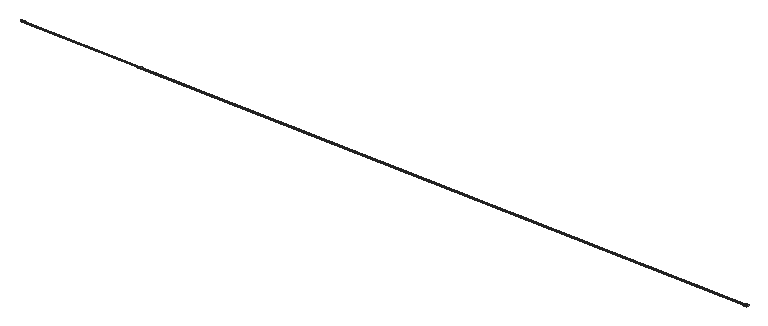
Revit family "0068180", category Lighting Fixtures, host Face, Revit 2017 (continued)
Forms (mm)
  Extrusion 145, solid
    sketch origin (1898.618, 0, 0) x (1, 0, 0) y (0, 1, 0)
      loop
        line (17.4, 1.5) -> (17.4, -1.5) -> (19.5, -1.5) -> (19.5, 1.5) -> (17.4, 1.5)
      loop
        line (34, 1.5) -> (34, -1.5) -> (36.1, -1.5) -> (36.1, 1.5) -> (34, 1.5)
      loop
        line (42.3, 1.5) -> (42.3, -1.5) -> (44.4, -1.5) -> (44.4, 1.5) -> (42.3, 1.5)
    from -1.2 to -0.5
  Extrusion 146, solid
    sketch origin (1948.582, 0, 0) x (1, 0, 0) y (0, 1, 0)
      loop
        line (9.1, 1.5) -> (9.1, -1.5) -> (11.2, -1.5) -> (11.2, 1.5) -> (9.1, 1.5)
      loop
        line (17.4, 1.5) -> (17.4, -1.5) -> (19.5, -1.5) -> (19.5, 1.5) -> (17.4, 1.5)
      loop
        line (34, 1.5) -> (34, -1.5) -> (36.1, -1.5) -> (36.1, 1.5) -> (34, 1.5)
      loop
        line (42.3, 1.5) -> (42.3, -1.5) -> (44.4, -1.5) -> (44.4, 1.5) -> (42.3, 1.5)
    from -1.2 to -0.5
  Extrusion 147, solid
    sketch origin (1998.545, 0, 0) x (1, 0, 0) y (0, 1, 0)
      loop
        line (9.1, 1.5) -> (9.1, -1.5) -> (11.2, -1.5) -> (11.2, 1.5) -> (9.1, 1.5)
      loop
        line (17.4, 1.5) -> (17.4, -1.5) -> (19.5, -1.5) -> (19.5, 1.5) -> (17.4, 1.5)
      loop
        line (34, 1.5) -> (34, -1.5) -> (36.1, -1.5) -> (36.1, 1.5) -> (34, 1.5)
      loop
        line (42.3, 1.5) -> (42.3, -1.5) -> (44.4, -1.5) -> (44.4, 1.5) -> (42.3, 1.5)
    from -1.2 to -0.5
  Extrusion 148, solid
    sketch origin (2048.509, 0, 0) x (1, 0, 0) y (0, 1, 0)
      loop
        line (9.1, 1.5) -> (9.1, -1.5) -> (11.2, -1.5) -> (11.2, 1.5) -> (9.1, 1.5)
      loop
        line (17.4, 1.5) -> (17.4, -1.5) -> (19.5, -1.5) -> (19.5, 1.5) -> (17.4, 1.5)
      loop
        line (34, 1.5) -> (34, -1.5) -> (36.1, -1.5) -> (36.1, 1.5) -> (34, 1.5)
      loop
        line (42.3, 1.5) -> (42.3, -1.5) -> (44.4, -1.5) -> (44.4, 1.5) -> (42.3, 1.5)
    from -1.2 to -0.5
  Extrusion 149, solid
    sketch origin (2098.473, 0, 0) x (1, 0, 0) y (0, 1, 0)
      loop
        line (9.1, 1.5) -> (9.1, -1.5) -> (11.2, -1.5) -> (11.2, 1.5) -> (9.1, 1.5)
      loop
        line (17.4, 1.5) -> (17.4, -1.5) -> (19.5, -1.5) -> (19.5, 1.5) -> (17.4, 1.5)
      loop
        line (34, 1.5) -> (34, -1.5) -> (36.1, -1.5) -> (36.1, 1.5) -> (34, 1.5)
      loop
        line (42.3, 1.5) -> (42.3, -1.5) -> (44.4, -1.5) -> (44.4, 1.5) -> (42.3, 1.5)
    from -1.2 to -0.5
  Extrusion 150, solid
    sketch origin (2148.436, 0, 0) x (1, 0, 0) y (0, 1, 0)
      loop
        line (9.1, 1.5) -> (9.1, -1.5) -> (11.2, -1.5) -> (11.2, 1.5) -> (9.1, 1.5)
      loop
        line (17.4, 1.5) -> (17.4, -1.5) -> (19.5, -1.5) -> (19.5, 1.5) -> (17.4, 1.5)
      loop
        line (34, 1.5) -> (34, -1.5) -> (36.1, -1.5) -> (36.1, 1.5) -> (34, 1.5)
      loop
        line (42.3, 1.5) -> (42.3, -1.5) -> (44.4, -1.5) -> (44.4, 1.5) -> (42.3, 1.5)
    from -1.2 to -0.5
  Extrusion 151, solid
    sketch origin (2198.4, 0, 0) x (1, 0, 0) y (0, 1, 0)
      loop
        line (9.1, 1.5) -> (9.1, -1.5) -> (11.2, -1.5) -> (11.2, 1.5) -> (9.1, 1.5)
      loop
        line (17.4, 1.5) -> (17.4, -1.5) -> (19.5, -1.5) -> (19.5, 1.5) -> (17.4, 1.5)
      loop
        line (34, 1.5) -> (34, -1.5) -> (36.1, -1.5) -> (36.1, 1.5) -> (34, 1.5)
      loop
        line (42.3, 1.5) -> (42.3, -1.5) -> (44.4, -1.5) -> (44.4, 1.5) -> (42.3, 1.5)
    from -1.2 to -0.5
  Extrusion 152, solid
    sketch origin (2248.364, 0, 0) x (1, 0, 0) y (0, 1, 0)
      loop
        line (9.1, 1.5) -> (9.1, -1.5) -> (11.2, -1.5) -> (11.2, 1.5) -> (9.1, 1.5)
      loop
        line (17.4, 1.5) -> (17.4, -1.5) -> (19.5, -1.5) -> (19.5, 1.5) -> (17.4, 1.5)
      loop
        line (34, 1.5) -> (34, -1.5) -> (36.1, -1.5) -> (36.1, 1.5) -> (34, 1.5)
      loop
        line (42.3, 1.5) -> (42.3, -1.5) -> (44.4, -1.5) -> (44.4, 1.5) -> (42.3, 1.5)
    from -1.2 to -0.5
  Extrusion 153, solid
    sketch origin (2298.327, 0, 0) x (1, 0, 0) y (0, 1, 0)
      loop
        line (9.1, 1.5) -> (9.1, -1.5) -> (11.2, -1.5) -> (11.2, 1.5) -> (9.1, 1.5)
      loop
        line (17.4, 1.5) -> (17.4, -1.5) -> (19.5, -1.5) -> (19.5, 1.5) -> (17.4, 1.5)
      loop
        line (34, 1.5) -> (34, -1.5) -> (36.1, -1.5) -> (36.1, 1.5) -> (34, 1.5)
      loop
        line (42.3, 1.5) -> (42.3, -1.5) -> (44.4, -1.5) -> (44.4, 1.5) -> (42.3, 1.5)
    from -1.2 to -0.5
  Extrusion 154, solid
    sketch origin (2348.291, 0, 0) x (1, 0, 0) y (0, 1, 0)
      loop
        line (9.1, 1.5) -> (9.1, -1.5) -> (11.2, -1.5) -> (11.2, 1.5) -> (9.1, 1.5)
      loop
        line (17.4, 1.5) -> (17.4, -1.5) -> (19.5, -1.5) -> (19.5, 1.5) -> (17.4, 1.5)
      loop
        line (34, 1.5) -> (34, -1.5) -> (36.1, -1.5) -> (36.1, 1.5) -> (34, 1.5)
      loop
        line (42.3, 1.5) -> (42.3, -1.5) -> (44.4, -1.5) -> (44.4, 1.5) -> (42.3, 1.5)
    from -1.2 to -0.5
  Extrusion 155, solid
    sketch origin (2398.255, 0, 0) x (1, 0, 0) y (0, 1, 0)
      loop
        line (9.1, 1.5) -> (9.1, -1.5) -> (11.2, -1.5) -> (11.2, 1.5) -> (9.1, 1.5)
      loop
        line (17.4, 1.5) -> (17.4, -1.5) -> (19.5, -1.5) -> (19.5, 1.5) -> (17.4, 1.5)
      loop
        line (34, 1.5) -> (34, -1.5) -> (36.1, -1.5) -> (36.1, 1.5) -> (34, 1.5)
      loop
        line (42.3, 1.5) -> (42.3, -1.5) -> (44.4, -1.5) -> (44.4, 1.5) -> (42.3, 1.5)
    from -1.2 to -0.5
  Extrusion 156, solid
    sketch origin (2448.218, 0, 0) x (1, 0, 0) y (0, 1, 0)
      loop
        line (9.1, 1.5) -> (9.1, -1.5) -> (11.2, -1.5) -> (11.2, 1.5) -> (9.1, 1.5)
      loop
        line (17.4, 1.5) -> (17.4, -1.5) -> (19.5, -1.5) -> (19.5, 1.5) -> (17.4, 1.5)
      loop
        line (34, 1.5) -> (34, -1.5) -> (36.1, -1.5) -> (36.1, 1.5) -> (34, 1.5)
      loop
        line (42.3, 1.5) -> (42.3, -1.5) -> (44.4, -1.5) -> (44.4, 1.5) -> (42.3, 1.5)
    from -1.2 to -0.5
  Extrusion 157, solid
    sketch origin (2498.182, 0, 0) x (1, 0, 0) y (0, 1, 0)
      loop
        line (9.1, 1.5) -> (9.1, -1.5) -> (11.2, -1.5) -> (11.2, 1.5) -> (9.1, 1.5)
      loop
        line (17.4, 1.5) -> (17.4, -1.5) -> (19.5, -1.5) -> (19.5, 1.5) -> (17.4, 1.5)
      loop
        line (34, 1.5) -> (34, -1.5) -> (36.1, -1.5) -> (36.1, 1.5) -> (34, 1.5)
      loop
        line (42.3, 1.5) -> (42.3, -1.5) -> (44.4, -1.5) -> (44.4, 1.5) -> (42.3, 1.5)
    from -1.2 to -0.5
  Extrusion 158, solid
    sketch origin (2548.145, 0, 0) x (1, 0, 0) y (0, 1, 0)
      loop
        line (9.1, 1.5) -> (9.1, -1.5) -> (11.2, -1.5) -> (11.2, 1.5) -> (9.1, 1.5)
      loop
        line (17.4, 1.5) -> (17.4, -1.5) -> (19.5, -1.5) -> (19.5, 1.5) -> (17.4, 1.5)
      loop
        line (34, 1.5) -> (34, -1.5) -> (36.1, -1.5) -> (36.1, 1.5) -> (34, 1.5)
      loop
        line (42.3, 1.5) -> (42.3, -1.5) -> (44.4, -1.5) -> (44.4, 1.5) -> (42.3, 1.5)
    from -1.2 to -0.5
  Extrusion 159, solid
    sketch origin (2598.109, 0, 0) x (1, 0, 0) y (0, 1, 0)
      loop
        line (9.1, 1.5) -> (9.1, -1.5) -> (11.2, -1.5) -> (11.2, 1.5) -> (9.1, 1.5)
      loop
        line (17.4, 1.5) -> (17.4, -1.5) -> (19.5, -1.5) -> (19.5, 1.5) -> (17.4, 1.5)
      loop
        line (34, 1.5) -> (34, -1.5) -> (36.1, -1.5) -> (36.1, 1.5) -> (34, 1.5)
      loop
        line (42.3, 1.5) -> (42.3, -1.5) -> (44.4, -1.5) -> (44.4, 1.5) -> (42.3, 1.5)
    from -1.2 to -0.5
  Extrusion 160, solid
    sketch origin (2648.073, 0, 0) x (1, 0, 0) y (0, 1, 0)
      loop
        line (9.1, 1.5) -> (9.1, -1.5) -> (11.2, -1.5) -> (11.2, 1.5) -> (9.1, 1.5)
      loop
        line (17.4, 1.5) -> (17.4, -1.5) -> (19.5, -1.5) -> (19.5, 1.5) -> (17.4, 1.5)
      loop
        line (34, 1.5) -> (34, -1.5) -> (36.1, -1.5) -> (36.1, 1.5) -> (34, 1.5)
      loop
        line (42.3, 1.5) -> (42.3, -1.5) -> (44.4, -1.5) -> (44.4, 1.5) -> (42.3, 1.5)
    from -1.2 to -0.5
  Extrusion 161, solid
    sketch origin (2698.036, 0, 0) x (1, 0, 0) y (0, 1, 0)
      loop
        line (9.1, 1.5) -> (9.1, -1.5) -> (11.2, -1.5) -> (11.2, 1.5) -> (9.1, 1.5)
      loop
        line (17.4, 1.5) -> (17.4, -1.5) -> (19.5, -1.5) -> (19.5, 1.5) -> (17.4, 1.5)
      loop
        line (34, 1.5) -> (34, -1.5) -> (36.1, -1.5) -> (36.1, 1.5) -> (34, 1.5)
      loop
        line (42.3, 1.5) -> (42.3, -1.5) -> (44.4, -1.5) -> (44.4, 1.5) -> (42.3, 1.5)
    from -1.2 to -0.5
  Extrusion 162, solid
    sketch origin (2748, 0, 0) x (1, 0, 0) y (0, 1, 0)
      loop
        line (9.1, 1.5) -> (9.1, -1.5) -> (11.2, -1.5) -> (11.2, 1.5) -> (9.1, 1.5)
      loop
        line (17.4, 1.5) -> (17.4, -1.5) -> (19.5, -1.5) -> (19.5, 1.5) -> (17.4, 1.5)
      loop
        line (34, 1.5) -> (34, -1.5) -> (36.1, -1.5) -> (36.1, 1.5) -> (34, 1.5)
      loop
        line (42.3, 1.5) -> (42.3, -1.5) -> (44.4, -1.5) -> (44.4, 1.5) -> (42.3, 1.5)
    from -1.2 to -0.5
  Extrusion 163, solid
    sketch origin (2797.964, 0, 0) x (1, 0, 0) y (0, 1, 0)
      loop
        line (9.1, 1.5) -> (9.1, -1.5) -> (11.2, -1.5) -> (11.2, 1.5) -> (9.1, 1.5)
      loop
        line (17.4, 1.5) -> (17.4, -1.5) -> (19.5, -1.5) -> (19.5, 1.5) -> (17.4, 1.5)
      loop
        line (34, 1.5) -> (34, -1.5) -> (36.1, -1.5) -> (36.1, 1.5) -> (34, 1.5)
      loop
        line (42.3, 1.5) -> (42.3, -1.5) -> (44.4, -1.5) -> (44.4, 1.5) -> (42.3, 1.5)
    from -1.2 to -0.5
  Extrusion 164, solid
    sketch origin (2847.927, 0, 0) x (1, 0, 0) y (0, 1, 0)
      loop
        line (9.1, 1.5) -> (9.1, -1.5) -> (11.2, -1.5) -> (11.2, 1.5) -> (9.1, 1.5)
      loop
        line (17.4, 1.5) -> (17.4, -1.5) -> (19.5, -1.5) -> (19.5, 1.5) -> (17.4, 1.5)
      loop
        line (34, 1.5) -> (34, -1.5) -> (36.1, -1.5) -> (36.1, 1.5) -> (34, 1.5)
      loop
        line (42.3, 1.5) -> (42.3, -1.5) -> (44.4, -1.5) -> (44.4, 1.5) -> (42.3, 1.5)
    from -1.2 to -0.5
  Extrusion 165, solid
    sketch origin (2897.891, 0, 0) x (1, 0, 0) y (0, 1, 0)
      loop
        line (9.1, 1.5) -> (9.1, -1.5) -> (11.2, -1.5) -> (11.2, 1.5) -> (9.1, 1.5)
      loop
        line (17.4, 1.5) -> (17.4, -1.5) -> (19.5, -1.5) -> (19.5, 1.5) -> (17.4, 1.5)
      loop
        line (34, 1.5) -> (34, -1.5) -> (36.1, -1.5) -> (36.1, 1.5) -> (34, 1.5)
      loop
        line (42.3, 1.5) -> (42.3, -1.5) -> (44.4, -1.5) -> (44.4, 1.5) -> (42.3, 1.5)
    from -1.2 to -0.5
  Extrusion 166, solid
    sketch origin (2947.855, 0, 0) x (1, 0, 0) y (0, 1, 0)
      loop
        line (9.1, 1.5) -> (9.1, -1.5) -> (11.2, -1.5) -> (11.2, 1.5) -> (9.1, 1.5)
      loop
        line (17.4, 1.5) -> (17.4, -1.5) -> (19.5, -1.5) -> (19.5, 1.5) -> (17.4, 1.5)
      loop
        line (34, 1.5) -> (34, -1.5) -> (36.1, -1.5) -> (36.1, 1.5) -> (34, 1.5)
      loop
        line (42.3, 1.5) -> (42.3, -1.5) -> (44.4, -1.5) -> (44.4, 1.5) -> (42.3, 1.5)
    from -1.2 to -0.5
  Extrusion 167, solid
    sketch origin (2997.818, 0, 0) x (1, 0, 0) y (0, 1, 0)
      loop
        line (9.1, 1.5) -> (9.1, -1.5) -> (11.2, -1.5) -> (11.2, 1.5) -> (9.1, 1.5)
      loop
        line (17.4, 1.5) -> (17.4, -1.5) -> (19.5, -1.5) -> (19.5, 1.5) -> (17.4, 1.5)
      loop
        line (34, 1.5) -> (34, -1.5) -> (36.1, -1.5) -> (36.1, 1.5) -> (34, 1.5)
      loop
        line (42.3, 1.5) -> (42.3, -1.5) -> (44.4, -1.5) -> (44.4, 1.5) -> (42.3, 1.5)
    from -1.2 to -0.5
  Extrusion 168, solid
    sketch origin (3047.782, 0, 0) x (1, 0, 0) y (0, 1, 0)
      loop
        line (9.1, 1.5) -> (9.1, -1.5) -> (11.2, -1.5) -> (11.2, 1.5) -> (9.1, 1.5)
      loop
        line (17.4, 1.5) -> (17.4, -1.5) -> (19.5, -1.5) -> (19.5, 1.5) -> (17.4, 1.5)
      loop
        line (34, 1.5) -> (34, -1.5) -> (36.1, -1.5) -> (36.1, 1.5) -> (34, 1.5)
      loop
        line (42.3, 1.5) -> (42.3, -1.5) -> (44.4, -1.5) -> (44.4, 1.5) -> (42.3, 1.5)
    from -1.2 to -0.5
  Extrusion 169, solid
    sketch origin (3097.745, 0, 0) x (1, 0, 0) y (0, 1, 0)
      loop
        line (9.1, 1.5) -> (9.1, -1.5) -> (11.2, -1.5) -> (11.2, 1.5) -> (9.1, 1.5)
      loop
        line (17.4, 1.5) -> (17.4, -1.5) -> (19.5, -1.5) -> (19.5, 1.5) -> (17.4, 1.5)
      loop
        line (34, 1.5) -> (34, -1.5) -> (36.1, -1.5) -> (36.1, 1.5) -> (34, 1.5)
      loop
        line (42.3, 1.5) -> (42.3, -1.5) -> (44.4, -1.5) -> (44.4, 1.5) -> (42.3, 1.5)
    from -1.2 to -0.5
  Extrusion 170, solid
    sketch origin (3147.709, 0, 0) x (1, 0, 0) y (0, 1, 0)
      loop
        line (9.1, 1.5) -> (9.1, -1.5) -> (11.2, -1.5) -> (11.2, 1.5) -> (9.1, 1.5)
      loop
        line (17.4, 1.5) -> (17.4, -1.5) -> (19.5, -1.5) -> (19.5, 1.5) -> (17.4, 1.5)
      loop
        line (34, 1.5) -> (34, -1.5) -> (36.1, -1.5) -> (36.1, 1.5) -> (34, 1.5)
      loop
        line (42.3, 1.5) -> (42.3, -1.5) -> (44.4, -1.5) -> (44.4, 1.5) -> (42.3, 1.5)
    from -1.2 to -0.5
  Extrusion 171, solid
    sketch origin (3197.673, 0, 0) x (1, 0, 0) y (0, 1, 0)
      loop
        line (9.1, 1.5) -> (9.1, -1.5) -> (11.2, -1.5) -> (11.2, 1.5) -> (9.1, 1.5)
      loop
        line (17.4, 1.5) -> (17.4, -1.5) -> (19.5, -1.5) -> (19.5, 1.5) -> (17.4, 1.5)
      loop
        line (34, 1.5) -> (34, -1.5) -> (36.1, -1.5) -> (36.1, 1.5) -> (34, 1.5)
      loop
        line (42.3, 1.5) -> (42.3, -1.5) -> (44.4, -1.5) -> (44.4, 1.5) -> (42.3, 1.5)
    from -1.2 to -0.5
  Extrusion 172, solid
    sketch origin (3247.636, 0, 0) x (1, 0, 0) y (0, 1, 0)
      loop
        line (9.1, 1.5) -> (9.1, -1.5) -> (11.2, -1.5) -> (11.2, 1.5) -> (9.1, 1.5)
      loop
        line (17.4, 1.5) -> (17.4, -1.5) -> (19.5, -1.5) -> (19.5, 1.5) -> (17.4, 1.5)
      loop
        line (34, 1.5) -> (34, -1.5) -> (36.1, -1.5) -> (36.1, 1.5) -> (34, 1.5)
      loop
        line (42.3, 1.5) -> (42.3, -1.5) -> (44.4, -1.5) -> (44.4, 1.5) -> (42.3, 1.5)
    from -1.2 to -0.5
  Extrusion 173, solid
    sketch origin (3297.6, 0, 0) x (1, 0, 0) y (0, 1, 0)
      loop
        line (9.1, 1.5) -> (9.1, -1.5) -> (11.2, -1.5) -> (11.2, 1.5) -> (9.1, 1.5)
      loop
        line (17.4, 1.5) -> (17.4, -1.5) -> (19.5, -1.5) -> (19.5, 1.5) -> (17.4, 1.5)
      loop
        line (34, 1.5) -> (34, -1.5) -> (36.1, -1.5) -> (36.1, 1.5) -> (34, 1.5)
      loop
        line (42.3, 1.5) -> (42.3, -1.5) -> (44.4, -1.5) -> (44.4, 1.5) -> (42.3, 1.5)
    from -1.2 to -0.5
  Extrusion 174, solid
    sketch origin (3347.564, 0, 0) x (1, 0, 0) y (0, 1, 0)
      loop
        line (9.1, 1.5) -> (9.1, -1.5) -> (11.2, -1.5) -> (11.2, 1.5) -> (9.1, 1.5)
      loop
        line (17.4, 1.5) -> (17.4, -1.5) -> (19.5, -1.5) -> (19.5, 1.5) -> (17.4, 1.5)
      loop
        line (34, 1.5) -> (34, -1.5) -> (36.1, -1.5) -> (36.1, 1.5) -> (34, 1.5)
      loop
        line (42.3, 1.5) -> (42.3, -1.5) -> (44.4, -1.5) -> (44.4, 1.5) -> (42.3, 1.5)
    from -1.2 to -0.5
  Extrusion 175, solid
    sketch origin (3397.527, 0, 0) x (1, 0, 0) y (0, 1, 0)
      loop
        line (9.1, 1.5) -> (9.1, -1.5) -> (11.2, -1.5) -> (11.2, 1.5) -> (9.1, 1.5)
      loop
        line (17.4, 1.5) -> (17.4, -1.5) -> (19.5, -1.5) -> (19.5, 1.5) -> (17.4, 1.5)
      loop
        line (34, 1.5) -> (34, -1.5) -> (36.1, -1.5) -> (36.1, 1.5) -> (34, 1.5)
      loop
        line (42.3, 1.5) -> (42.3, -1.5) -> (44.4, -1.5) -> (44.4, 1.5) -> (42.3, 1.5)
    from -1.2 to -0.5
  Extrusion 176, solid
    sketch origin (3447.491, 0, 0) x (1, 0, 0) y (0, 1, 0)
      loop
        line (9.1, 1.5) -> (9.1, -1.5) -> (11.2, -1.5) -> (11.2, 1.5) -> (9.1, 1.5)
      loop
        line (17.4, 1.5) -> (17.4, -1.5) -> (19.5, -1.5) -> (19.5, 1.5) -> (17.4, 1.5)
      loop
        line (34, 1.5) -> (34, -1.5) -> (36.1, -1.5) -> (36.1, 1.5) -> (34, 1.5)
      loop
        line (42.3, 1.5) -> (42.3, -1.5) -> (44.4, -1.5) -> (44.4, 1.5) -> (42.3, 1.5)
    from -1.2 to -0.5
  Extrusion 177, solid
    sketch origin (3497.455, 0, 0) x (1, 0, 0) y (0, 1, 0)
      loop
        line (9.1, 1.5) -> (9.1, -1.5) -> (11.2, -1.5) -> (11.2, 1.5) -> (9.1, 1.5)
      loop
        line (17.4, 1.5) -> (17.4, -1.5) -> (19.5, -1.5) -> (19.5, 1.5) -> (17.4, 1.5)
      loop
        line (34, 1.5) -> (34, -1.5) -> (36.1, -1.5) -> (36.1, 1.5) -> (34, 1.5)
      loop
        line (42.3, 1.5) -> (42.3, -1.5) -> (44.4, -1.5) -> (44.4, 1.5) -> (42.3, 1.5)
    from -1.2 to -0.5
  Extrusion 178, solid
    sketch origin (3547.418, 0, 0) x (1, 0, 0) y (0, 1, 0)
      loop
        line (9.1, 1.5) -> (9.1, -1.5) -> (11.2, -1.5) -> (11.2, 1.5) -> (9.1, 1.5)
      loop
        line (17.4, 1.5) -> (17.4, -1.5) -> (19.5, -1.5) -> (19.5, 1.5) -> (17.4, 1.5)
      loop
        line (34, 1.5) -> (34, -1.5) -> (36.1, -1.5) -> (36.1, 1.5) -> (34, 1.5)
      loop
        line (42.3, 1.5) -> (42.3, -1.5) -> (44.4, -1.5) -> (44.4, 1.5) -> (42.3, 1.5)
    from -1.2 to -0.5
  Extrusion 179, solid
    sketch origin (3597.382, 0, 0) x (1, 0, 0) y (0, 1, 0)
      loop
        line (9.1, 1.5) -> (9.1, -1.5) -> (11.2, -1.5) -> (11.2, 1.5) -> (9.1, 1.5)
      loop
        line (17.4, 1.5) -> (17.4, -1.5) -> (19.5, -1.5) -> (19.5, 1.5) -> (17.4, 1.5)
      loop
        line (34, 1.5) -> (34, -1.5) -> (36.1, -1.5) -> (36.1, 1.5) -> (34, 1.5)
      loop
        line (42.3, 1.5) -> (42.3, -1.5) -> (44.4, -1.5) -> (44.4, 1.5) -> (42.3, 1.5)
    from -1.2 to -0.5
  Extrusion 180, solid
    sketch origin (3647.345, 0, 0) x (1, 0, 0) y (0, 1, 0)
      loop
        line (9.1, 1.5) -> (9.1, -1.5) -> (11.2, -1.5) -> (11.2, 1.5) -> (9.1, 1.5)
      loop
        line (17.4, 1.5) -> (17.4, -1.5) -> (19.5, -1.5) -> (19.5, 1.5) -> (17.4, 1.5)
      loop
        line (34, 1.5) -> (34, -1.5) -> (36.1, -1.5) -> (36.1, 1.5) -> (34, 1.5)
      loop
        line (42.3, 1.5) -> (42.3, -1.5) -> (44.4, -1.5) -> (44.4, 1.5) -> (42.3, 1.5)
    from -1.2 to -0.5
  Extrusion 181, solid
    sketch origin (3697.309, 0, 0) x (1, 0, 0) y (0, 1, 0)
      loop
        line (9.1, 1.5) -> (9.1, -1.5) -> (11.2, -1.5) -> (11.2, 1.5) -> (9.1, 1.5)
      loop
        line (17.4, 1.5) -> (17.4, -1.5) -> (19.5, -1.5) -> (19.5, 1.5) -> (17.4, 1.5)
      loop
        line (34, 1.5) -> (34, -1.5) -> (36.1, -1.5) -> (36.1, 1.5) -> (34, 1.5)
      loop
        line (42.3, 1.5) -> (42.3, -1.5) -> (44.4, -1.5) -> (44.4, 1.5) -> (42.3, 1.5)
    from -1.2 to -0.5
  Extrusion 182, solid
    sketch origin (3747.273, 0, 0) x (1, 0, 0) y (0, 1, 0)
      loop
        line (9.1, 1.5) -> (9.1, -1.5) -> (11.2, -1.5) -> (11.2, 1.5) -> (9.1, 1.5)
      loop
        line (17.4, 1.5) -> (17.4, -1.5) -> (19.5, -1.5) -> (19.5, 1.5) -> (17.4, 1.5)
      loop
        line (34, 1.5) -> (34, -1.5) -> (36.1, -1.5) -> (36.1, 1.5) -> (34, 1.5)
      loop
        line (42.3, 1.5) -> (42.3, -1.5) -> (44.4, -1.5) -> (44.4, 1.5) -> (42.3, 1.5)
    from -1.2 to -0.5
  Extrusion 183, solid
    sketch origin (3797.236, 0, 0) x (1, 0, 0) y (0, 1, 0)
      loop
        line (9.1, 1.5) -> (9.1, -1.5) -> (11.2, -1.5) -> (11.2, 1.5) -> (9.1, 1.5)
      loop
        line (17.4, 1.5) -> (17.4, -1.5) -> (19.5, -1.5) -> (19.5, 1.5) -> (17.4, 1.5)
      loop
        line (34, 1.5) -> (34, -1.5) -> (36.1, -1.5) -> (36.1, 1.5) -> (34, 1.5)
      loop
        line (42.3, 1.5) -> (42.3, -1.5) -> (44.4, -1.5) -> (44.4, 1.5) -> (42.3, 1.5)
    from -1.2 to -0.5
  Extrusion 184, solid
    sketch origin (3847.2, 0, 0) x (1, 0, 0) y (0, 1, 0)
      loop
        line (9.1, 1.5) -> (9.1, -1.5) -> (11.2, -1.5) -> (11.2, 1.5) -> (9.1, 1.5)
      loop
        line (17.4, 1.5) -> (17.4, -1.5) -> (19.5, -1.5) -> (19.5, 1.5) -> (17.4, 1.5)
      loop
        line (34, 1.5) -> (34, -1.5) -> (36.1, -1.5) -> (36.1, 1.5) -> (34, 1.5)
      loop
        line (42.3, 1.5) -> (42.3, -1.5) -> (44.4, -1.5) -> (44.4, 1.5) -> (42.3, 1.5)
    from -1.2 to -0.5
  Extrusion 185, solid
    sketch origin (3897.164, 0, 0) x (1, 0, 0) y (0, 1, 0)
      loop
        line (9.1, 1.5) -> (9.1, -1.5) -> (11.2, -1.5) -> (11.2, 1.5) -> (9.1, 1.5)
      loop
        line (17.4, 1.5) -> (17.4, -1.5) -> (19.5, -1.5) -> (19.5, 1.5) -> (17.4, 1.5)
      loop
        line (34, 1.5) -> (34, -1.5) -> (36.1, -1.5) -> (36.1, 1.5) -> (34, 1.5)
      loop
        line (42.3, 1.5) -> (42.3, -1.5) -> (44.4, -1.5) -> (44.4, 1.5) -> (42.3, 1.5)
    from -1.2 to -0.5
  Extrusion 186, solid
    sketch origin (3947.127, 0, 0) x (1, 0, 0) y (0, 1, 0)
      loop
        line (9.1, 1.5) -> (9.1, -1.5) -> (11.2, -1.5) -> (11.2, 1.5) -> (9.1, 1.5)
      loop
        line (17.4, 1.5) -> (17.4, -1.5) -> (19.5, -1.5) -> (19.5, 1.5) -> (17.4, 1.5)
      loop
        line (34, 1.5) -> (34, -1.5) -> (36.1, -1.5) -> (36.1, 1.5) -> (34, 1.5)
      loop
        line (42.3, 1.5) -> (42.3, -1.5) -> (44.4, -1.5) -> (44.4, 1.5) -> (42.3, 1.5)
    from -1.2 to -0.5
  Extrusion 187, solid
    sketch origin (3997.091, 0, 0) x (1, 0, 0) y (0, 1, 0)
      loop
        line (9.1, 1.5) -> (9.1, -1.5) -> (11.2, -1.5) -> (11.2, 1.5) -> (9.1, 1.5)
      loop
        line (17.4, 1.5) -> (17.4, -1.5) -> (19.5, -1.5) -> (19.5, 1.5) -> (17.4, 1.5)
      loop
        line (34, 1.5) -> (34, -1.5) -> (36.1, -1.5) -> (36.1, 1.5) -> (34, 1.5)
      loop
        line (42.3, 1.5) -> (42.3, -1.5) -> (44.4, -1.5) -> (44.4, 1.5) -> (42.3, 1.5)
    from -1.2 to -0.5
  Extrusion 188, solid
    sketch origin (4047.055, 0, 0) x (1, 0, 0) y (0, 1, 0)
      loop
        line (9.1, 1.5) -> (9.1, -1.5) -> (11.2, -1.5) -> (11.2, 1.5) -> (9.1, 1.5)
      loop
        line (17.4, 1.5) -> (17.4, -1.5) -> (19.5, -1.5) -> (19.5, 1.5) -> (17.4, 1.5)
      loop
        line (34, 1.5) -> (34, -1.5) -> (36.1, -1.5) -> (36.1, 1.5) -> (34, 1.5)
      loop
        line (42.3, 1.5) -> (42.3, -1.5) -> (44.4, -1.5) -> (44.4, 1.5) -> (42.3, 1.5)
    from -1.2 to -0.5
  Extrusion 189, solid
    sketch origin (4097.018, 0, 0) x (1, 0, 0) y (0, 1, 0)
      loop
        line (9.1, 1.5) -> (9.1, -1.5) -> (11.2, -1.5) -> (11.2, 1.5) -> (9.1, 1.5)
      loop
        line (17.4, 1.5) -> (17.4, -1.5) -> (19.5, -1.5) -> (19.5, 1.5) -> (17.4, 1.5)
      loop
        line (34, 1.5) -> (34, -1.5) -> (36.1, -1.5) -> (36.1, 1.5) -> (34, 1.5)
      loop
        line (42.3, 1.5) -> (42.3, -1.5) -> (44.4, -1.5) -> (44.4, 1.5) -> (42.3, 1.5)
    from -1.2 to -0.5
  Extrusion 190, solid
    sketch origin (4146.982, 0, 0) x (1, 0, 0) y (0, 1, 0)
      loop
        line (9.1, 1.5) -> (9.1, -1.5) -> (11.2, -1.5) -> (11.2, 1.5) -> (9.1, 1.5)
      loop
        line (17.4, 1.5) -> (17.4, -1.5) -> (19.5, -1.5) -> (19.5, 1.5) -> (17.4, 1.5)
      loop
        line (34, 1.5) -> (34, -1.5) -> (36.1, -1.5) -> (36.1, 1.5) -> (34, 1.5)
      loop
        line (42.3, 1.5) -> (42.3, -1.5) -> (44.4, -1.5) -> (44.4, 1.5) -> (42.3, 1.5)
    from -1.2 to -0.5
  Extrusion 191, solid
    sketch origin (4196.945, 0, 0) x (1, 0, 0) y (0, 1, 0)
      loop
        line (9.1, 1.5) -> (9.1, -1.5) -> (11.2, -1.5) -> (11.2, 1.5) -> (9.1, 1.5)
      loop
        line (17.4, 1.5) -> (17.4, -1.5) -> (19.5, -1.5) -> (19.5, 1.5) -> (17.4, 1.5)
      loop
        line (34, 1.5) -> (34, -1.5) -> (36.1, -1.5) -> (36.1, 1.5) -> (34, 1.5)
      loop
        line (42.3, 1.5) -> (42.3, -1.5) -> (44.4, -1.5) -> (44.4, 1.5) -> (42.3, 1.5)
    from -1.2 to -0.5
  Extrusion 192, solid
    sketch origin (4246.909, 0, 0) x (1, 0, 0) y (0, 1, 0)
      loop
        line (9.1, 1.5) -> (9.1, -1.5) -> (11.2, -1.5) -> (11.2, 1.5) -> (9.1, 1.5)
      loop
        line (17.4, 1.5) -> (17.4, -1.5) -> (19.5, -1.5) -> (19.5, 1.5) -> (17.4, 1.5)
      loop
        line (34, 1.5) -> (34, -1.5) -> (36.1, -1.5) -> (36.1, 1.5) -> (34, 1.5)
      loop
        line (42.3, 1.5) -> (42.3, -1.5) -> (44.4, -1.5) -> (44.4, 1.5) -> (42.3, 1.5)
    from -1.2 to -0.5
  Extrusion 193, solid
    sketch origin (4296.873, 0, 0) x (1, 0, 0) y (0, 1, 0)
      loop
        line (9.1, 1.5) -> (9.1, -1.5) -> (11.2, -1.5) -> (11.2, 1.5) -> (9.1, 1.5)
      loop
        line (17.4, 1.5) -> (17.4, -1.5) -> (19.5, -1.5) -> (19.5, 1.5) -> (17.4, 1.5)
      loop
        line (34, 1.5) -> (34, -1.5) -> (36.1, -1.5) -> (36.1, 1.5) -> (34, 1.5)
      loop
        line (42.3, 1.5) -> (42.3, -1.5) -> (44.4, -1.5) -> (44.4, 1.5) -> (42.3, 1.5)
    from -1.2 to -0.5
  Extrusion 194, solid
    sketch origin (4346.836, 0, 0) x (1, 0, 0) y (0, 1, 0)
      loop
        line (9.1, 1.5) -> (9.1, -1.5) -> (11.2, -1.5) -> (11.2, 1.5) -> (9.1, 1.5)
      loop
        line (17.4, 1.5) -> (17.4, -1.5) -> (19.5, -1.5) -> (19.5, 1.5) -> (17.4, 1.5)
      loop
        line (34, 1.5) -> (34, -1.5) -> (36.1, -1.5) -> (36.1, 1.5) -> (34, 1.5)
      loop
        line (42.3, 1.5) -> (42.3, -1.5) -> (44.4, -1.5) -> (44.4, 1.5) -> (42.3, 1.5)
    from -1.2 to -0.5
  Extrusion 195, solid
    sketch origin (4396.8, 0, 0) x (1, 0, 0) y (0, 1, 0)
      loop
        line (9.1, 1.5) -> (9.1, -1.5) -> (11.2, -1.5) -> (11.2, 1.5) -> (9.1, 1.5)
      loop
        line (17.4, 1.5) -> (17.4, -1.5) -> (19.5, -1.5) -> (19.5, 1.5) -> (17.4, 1.5)
      loop
        line (34, 1.5) -> (34, -1.5) -> (36.1, -1.5) -> (36.1, 1.5) -> (34, 1.5)
      loop
        line (42.3, 1.5) -> (42.3, -1.5) -> (44.4, -1.5) -> (44.4, 1.5) -> (42.3, 1.5)
    from -1.2 to -0.5
  Extrusion 196, solid
    sketch origin (4446.764, 0, 0) x (1, 0, 0) y (0, 1, 0)
      loop
        line (9.1, 1.5) -> (9.1, -1.5) -> (11.2, -1.5) -> (11.2, 1.5) -> (9.1, 1.5)
      loop
        line (17.4, 1.5) -> (17.4, -1.5) -> (19.5, -1.5) -> (19.5, 1.5) -> (17.4, 1.5)
      loop
        line (34, 1.5) -> (34, -1.5) -> (36.1, -1.5) -> (36.1, 1.5) -> (34, 1.5)
      loop
        line (42.3, 1.5) -> (42.3, -1.5) -> (44.4, -1.5) -> (44.4, 1.5) -> (42.3, 1.5)
    from -1.2 to -0.5
  Extrusion 197, solid
    sketch origin (4496.727, 0, 0) x (1, 0, 0) y (0, 1, 0)
      loop
        line (9.1, 1.5) -> (9.1, -1.5) -> (11.2, -1.5) -> (11.2, 1.5) -> (9.1, 1.5)
      loop
        line (17.4, 1.5) -> (17.4, -1.5) -> (19.5, -1.5) -> (19.5, 1.5) -> (17.4, 1.5)
      loop
        line (34, 1.5) -> (34, -1.5) -> (36.1, -1.5) -> (36.1, 1.5) -> (34, 1.5)
      loop
        line (42.3, 1.5) -> (42.3, -1.5) -> (44.4, -1.5) -> (44.4, 1.5) -> (42.3, 1.5)
    from -1.2 to -0.5
  Extrusion 198, solid
    sketch origin (4546.691, 0, 0) x (1, 0, 0) y (0, 1, 0)
      loop
        line (9.1, 1.5) -> (9.1, -1.5) -> (11.2, -1.5) -> (11.2, 1.5) -> (9.1, 1.5)
      loop
        line (17.4, 1.5) -> (17.4, -1.5) -> (19.5, -1.5) -> (19.5, 1.5) -> (17.4, 1.5)
      loop
        line (34, 1.5) -> (34, -1.5) -> (36.1, -1.5) -> (36.1, 1.5) -> (34, 1.5)
      loop
        line (42.3, 1.5) -> (42.3, -1.5) -> (44.4, -1.5) -> (44.4, 1.5) -> (42.3, 1.5)
    from -1.2 to -0.5
  Extrusion 199, solid
    sketch origin (4596.655, 0, 0) x (1, 0, 0) y (0, 1, 0)
      loop
        line (9.1, 1.5) -> (9.1, -1.5) -> (11.2, -1.5) -> (11.2, 1.5) -> (9.1, 1.5)
      loop
        line (17.4, 1.5) -> (17.4, -1.5) -> (19.5, -1.5) -> (19.5, 1.5) -> (17.4, 1.5)
      loop
        line (34, 1.5) -> (34, -1.5) -> (36.1, -1.5) -> (36.1, 1.5) -> (34, 1.5)
      loop
        line (42.3, 1.5) -> (42.3, -1.5) -> (44.4, -1.5) -> (44.4, 1.5) -> (42.3, 1.5)
    from -1.2 to -0.5
  Extrusion 200, solid
    sketch origin (4646.618, 0, 0) x (1, 0, 0) y (0, 1, 0)
      loop
        line (9.1, 1.5) -> (9.1, -1.5) -> (11.2, -1.5) -> (11.2, 1.5) -> (9.1, 1.5)
      loop
        line (17.4, 1.5) -> (17.4, -1.5) -> (19.5, -1.5) -> (19.5, 1.5) -> (17.4, 1.5)
      loop
        line (34, 1.5) -> (34, -1.5) -> (36.1, -1.5) -> (36.1, 1.5) -> (34, 1.5)
      loop
        line (42.3, 1.5) -> (42.3, -1.5) -> (44.4, -1.5) -> (44.4, 1.5) -> (42.3, 1.5)
    from -1.2 to -0.5
  Extrusion 201, solid
    sketch origin (4696.582, 0, 0) x (1, 0, 0) y (0, 1, 0)
      loop
        line (9.1, 1.5) -> (9.1, -1.5) -> (11.2, -1.5) -> (11.2, 1.5) -> (9.1, 1.5)
      loop
        line (17.4, 1.5) -> (17.4, -1.5) -> (19.5, -1.5) -> (19.5, 1.5) -> (17.4, 1.5)
      loop
        line (34, 1.5) -> (34, -1.5) -> (36.1, -1.5) -> (36.1, 1.5) -> (34, 1.5)
      loop
        line (42.3, 1.5) -> (42.3, -1.5) -> (44.4, -1.5) -> (44.4, 1.5) -> (42.3, 1.5)
    from -1.2 to -0.5
  Extrusion 202, solid
    sketch origin (4746.545, 0, 0) x (1, 0, 0) y (0, 1, 0)
      loop
        line (9.1, 1.5) -> (9.1, -1.5) -> (11.2, -1.5) -> (11.2, 1.5) -> (9.1, 1.5)
      loop
        line (17.4, 1.5) -> (17.4, -1.5) -> (19.5, -1.5) -> (19.5, 1.5) -> (17.4, 1.5)
      loop
        line (34, 1.5) -> (34, -1.5) -> (36.1, -1.5) -> (36.1, 1.5) -> (34, 1.5)
      loop
        line (42.3, 1.5) -> (42.3, -1.5) -> (44.4, -1.5) -> (44.4, 1.5) -> (42.3, 1.5)
    from -1.2 to -0.5
  Extrusion 203, solid
    sketch origin (4796.509, 0, 0) x (1, 0, 0) y (0, 1, 0)
      loop
        line (9.1, 1.5) -> (9.1, -1.5) -> (11.2, -1.5) -> (11.2, 1.5) -> (9.1, 1.5)
      loop
        line (17.4, 1.5) -> (17.4, -1.5) -> (19.5, -1.5) -> (19.5, 1.5) -> (17.4, 1.5)
      loop
        line (34, 1.5) -> (34, -1.5) -> (36.1, -1.5) -> (36.1, 1.5) -> (34, 1.5)
      loop
        line (42.3, 1.5) -> (42.3, -1.5) -> (44.4, -1.5) -> (44.4, 1.5) -> (42.3, 1.5)
    from -1.2 to -0.5
  Extrusion 204, solid
    sketch origin (4846.473, 0, 0) x (1, 0, 0) y (0, 1, 0)
      loop
        line (9.1, 1.5) -> (9.1, -1.5) -> (11.2, -1.5) -> (11.2, 1.5) -> (9.1, 1.5)
      loop
        line (17.4, 1.5) -> (17.4, -1.5) -> (19.5, -1.5) -> (19.5, 1.5) -> (17.4, 1.5)
      loop
        line (34, 1.5) -> (34, -1.5) -> (36.1, -1.5) -> (36.1, 1.5) -> (34, 1.5)
      loop
        line (42.3, 1.5) -> (42.3, -1.5) -> (44.4, -1.5) -> (44.4, 1.5) -> (42.3, 1.5)
    from -1.2 to -0.5
  Extrusion 205, solid
    sketch origin (4896.436, 0, 0) x (1, 0, 0) y (0, 1, 0)
      loop
        line (9.1, 1.5) -> (9.1, -1.5) -> (11.2, -1.5) -> (11.2, 1.5) -> (9.1, 1.5)
      loop
        line (17.4, 1.5) -> (17.4, -1.5) -> (19.5, -1.5) -> (19.5, 1.5) -> (17.4, 1.5)
      loop
        line (34, 1.5) -> (34, -1.5) -> (36.1, -1.5) -> (36.1, 1.5) -> (34, 1.5)
      loop
        line (42.3, 1.5) -> (42.3, -1.5) -> (44.4, -1.5) -> (44.4, 1.5) -> (42.3, 1.5)
    from -1.2 to -0.5
  Extrusion 206, solid, material "Default New Material" <- "Material_2_SYL"
    sketch origin (0, 0, 0) x (1, 0, 0) y (0, 1, 0)
      loop
        line (0, 7) -> (-15, 7) -> (-15, -7) -> (0, -7) -> (0, 7)
      loop
        line (5000, 7) -> (5000, -7) -> (5010, -7) -> (5010, 7) -> (5000, 7)
    from -2.6 to 3.4
  Extrusion 207, solid, material "Default New Material(1)" <- "Material_3_SYL"
    sketch origin (0, 0, 0) x (1, 0, 0) y (0, 1, 0)
      loop
        line (0, 6) -> (0, -6) -> (5000, -6) -> (5000, 6) -> (0, 6)
    from 1.8 to -2.2
Dimensions and locks
  "CABLE_LENGHT_SYL": plane 8 to plane 3 "Center (Left/Right)"
  "CABLE_FIX_SYL": plane 3 "Center (Left/Right)" to plane 7
  "LUM_WIDTH_SYL": plane 6 to plane 1 "Center (Front/Back)" to plane 5
  "CABLE_BLEND_SYL": plane 9 to plane 3 "Center (Left/Right)"  (x2)
  "CABLE_END_SYL": plane 8 to plane 10
  "LUM_LENGHT_SYL": plane 3 "Center (Left/Right)" to plane 4
  "CABLE_DIST_SYL": plane 12 to plane 1 "Center (Front/Back)" to plane 11
  "CABLE_DIST2_SYL": plane 13 to plane 5
  "CABLE_DIST2_SYL": plane 6 to plane 14
  "LED_CH_S_WIDTH_SYL": plane 18 to plane 1 "Center (Front/Back)" to plane 17
  "LED_CH_L_WIDTH_SYL": plane 16 to plane 1 "Center (Front/Back)" to plane 15
  "PHOTOMETRY1_SYL": imposter light to plane 4
  "PHOTOMETRY2_SYL": imposter light to Extrusion 1
  "LED_CH_L_DIST1_SYL": plane 3 "Center (Left/Right)" to plane 19
  "LED_CH_L_DIST_SYL": plane 19 to plane 20 to plane 21 to plane 22 to plane 23 to plane 24
  "LED_CH_L_DEPTH_SYL": plane 26 to plane 19 to plane 25
  "LED_CH_L_DEPTH_SYL": plane 28 to plane 20 to plane 27
  "LED_CH_L_DEPTH_SYL": plane 30 to plane 21 to plane 29
  "LED_CH_L_DEPTH_SYL": plane 32 to plane 22 to plane 31
  "LED_CH_L_DEPTH_SYL": plane 33 to plane 23 to plane 34
  "LED_CH_L_DEPTH_SYL": plane 35 to plane 24 to plane 36
  "LED_CH_S_DEPTH1_SYL": plane 37 to plane 43
  "LED_CH_S_DEPTH1_SYL": plane 38 to plane 45
  "LED_CH_S_DEPTH1_SYL": plane 40 to plane 48
  "LED_CH_S_DEPTH1_SYL": plane 41 to plane 46
  "LED_CH_S_DEPTH2_SYL": plane 42 to plane 37
  "LED_CH_S_DEPTH2_SYL": plane 44 to plane 38
  "LED_CH_S_DEPTH2_SYL": plane 49 to plane 40
  "LED_CH_S_DEPTH2_SYL": plane 47 to plane 41
  equal spacing: group 1, group 3, group 4, group 5, group 6, group 7, group 8, group 9, group 10, group 11, group 12, group 13, group 14, group 15, group 16, group 17, group 18, group 19, group 20, group 21, group 22, group 23, group 24, group 25, group 26, group 27, group 28, group 29, group 30, group 31, group 32, group 33, group 34, group 35, group 36, group 37, group 38, group 39, group 40, group 41, group 42, group 43, group 44, group 45, group 46, group 47, group 48, group 49, group 50, group 51, group 52, group 53, group 54, group 55, group 56, group 57, group 58, group 59, group 60, group 61, group 62, group 63, group 64, group 65, group 66, group 67, group 68, group 69, group 70, group 71, group 72, group 73, group 74, group 75, group 76, group 77, group 78, group 79, group 80, group 81, group 82, group 83, group 84, group 85, group 86, group 87, group 88, group 89, group 90, group 91, group 92, group 93, group 94, group 95, group 96, group 97, group 98, group 99, group 100, group 2  (x3)
  equal spacing: group 101, group 103, group 104, group 105, group 106, group 107, group 108, group 109, group 110, group 111, group 112, group 113, group 114, group 115, group 116, group 117, group 118, group 119, group 120, group 121, group 122, group 123, group 124, group 125, group 126, group 127, group 128, group 129, group 130, group 131, group 132, group 133, group 134, group 135, group 136, group 137, group 138, group 139, group 140, group 141, group 142, group 143, group 144, group 145, group 146, group 147, group 148, group 149, group 150, group 151, group 152, group 153, group 154, group 155, group 156, group 157, group 158, group 159, group 160, group 161, group 162, group 163, group 164, group 165, group 166, group 167, group 168, group 169, group 170, group 171, group 172, group 173, group 174, group 175, group 176, group 177, group 178, group 179, group 180, group 181, group 182, group 183, group 184, group 185, group 186, group 187, group 188, group 189, group 190, group 191, group 192, group 193, group 194, group 195, group 196, group 197, group 198, group 199, group 200, group 102  (x3)
  "END_CAP_WIDTH_SYL": plane 51 to plane 1 "Center (Front/Back)" to plane 50
  "END_CAP2_WIDTH_SYL": plane 4 to plane 52
  aligned and locked: host face to plane 2
  aligned and locked: host face to level
  aligned and locked: Extrusion 1 sketch curve to plane 4
  aligned and locked: plane 3 "Center (Left/Right)" to Extrusion 1 sketch curve
  aligned and locked: Revolve 4 sketch curve to plane 11
  aligned and locked: Sweep 2 to Revolve 4 sketch curve
  aligned and locked: plane 8 to Revolve 4 sketch curve
  aligned and locked: Revolve 5 sketch curve to plane 12  (x2)
  aligned and locked: Revolve 5 sketch curve to Sweep 3
  aligned and locked: Revolve 5 sketch curve to plane 8
  aligned and locked: Extrusion 206 sketch curve to plane 50
  aligned and locked: plane 3 "Center (Left/Right)" to Extrusion 206 sketch curve
  aligned and locked: plane 51 to Extrusion 206 sketch curve
  aligned and locked: Extrusion 206 sketch curve to plane 9
  aligned and locked: Extrusion 206 sketch curve to plane 52
  aligned and locked: plane 4 to Extrusion 206 sketch curve
  aligned and locked: plane 54 to Extrusion 207 sketch curve
  aligned and locked: plane 3 "Center (Left/Right)" to Extrusion 207 sketch curve
  aligned and locked: Extrusion 207 sketch curve to plane 53
  aligned and locked: Extrusion 207 sketch curve to plane 4
Automatic sketch dimensions
  plane 6 to Extrusion 1 sketch curve = 0 mm
  plane 5 to Extrusion 1 sketch curve = 0 mm
  Sweep 2 sketch curve to plane 10 = 0 mm
  Sweep 2 sketch curve to plane 9 = 0 mm
  Sweep 3 sketch curve to plane 10 = 0 mm
  Sweep 3 sketch curve to plane 9 = 0 mm
  plane 12 to Sweep 3 sketch curve = 0 mm
  level to Sweep 3 sketch curve = 0 mm
  Sweep 3 sketch curve to profile plane = 0 mm
  Sweep 2 sketch curve to level = 0 mm
  Sweep 2 sketch curve to profile plane = 0 mm
  host sketch curve to host sketch curve = 6451.645 mm
  host sketch curve to host sketch curve = 2438.4 mm
  plane 16 to Revolve 5 sketch curve = 0.723 mm
  Revolve 5 sketch curve to plane 8 = 1324 mm
  Revolve 4 sketch curve to plane 11 = 0 mm
  Revolve 4 sketch curve to plane 15 = 0.744 mm
  Revolve 4 sketch curve to plane 8 = 1324 mm
  plane 7 to Revolve 4 sketch curve = 1556.2 mm
  plane 7 to Revolve 5 sketch curve = 1556.2 mm
  Extrusion 6 sketch curve to Extrusion 6 sketch curve = 2.8 mm  (x6)
  Extrusion 6 sketch curve to Extrusion 6 sketch curve = 5.5 mm  (x5)
  Extrusion 6 sketch curve to Extrusion 6 sketch curve = 0 mm  (x5)
  Extrusion 6 sketch curve to Extrusion 6 sketch curve = 3.4 mm  (x6)
  Extrusion 8 sketch curve to Extrusion 8 sketch curve = 2.8 mm  (x6)
  Extrusion 8 sketch curve to Extrusion 8 sketch curve = 5.5 mm  (x5)
  Extrusion 8 sketch curve to Extrusion 8 sketch curve = 0 mm  (x5)
  Extrusion 8 sketch curve to Extrusion 8 sketch curve = 3.4 mm  (x6)
  Extrusion 9 sketch curve to Extrusion 9 sketch curve = 2.8 mm  (x6)
  Extrusion 9 sketch curve to Extrusion 9 sketch curve = 5.5 mm  (x5)
  Extrusion 9 sketch curve to Extrusion 9 sketch curve = 0 mm  (x5)
  Extrusion 9 sketch curve to Extrusion 9 sketch curve = 3.4 mm  (x6)
  Extrusion 10 sketch curve to Extrusion 10 sketch curve = 2.8 mm  (x6)
  Extrusion 10 sketch curve to Extrusion 10 sketch curve = 5.5 mm  (x5)
  Extrusion 10 sketch curve to Extrusion 10 sketch curve = 0 mm  (x5)
  Extrusion 10 sketch curve to Extrusion 10 sketch curve = 3.4 mm  (x6)
  Extrusion 11 sketch curve to Extrusion 11 sketch curve = 2.8 mm  (x6)
  Extrusion 11 sketch curve to Extrusion 11 sketch curve = 5.5 mm  (x5)
  Extrusion 11 sketch curve to Extrusion 11 sketch curve = 0 mm  (x5)
  Extrusion 11 sketch curve to Extrusion 11 sketch curve = 3.4 mm  (x6)
  Extrusion 12 sketch curve to Extrusion 12 sketch curve = 2.8 mm  (x6)
  Extrusion 12 sketch curve to Extrusion 12 sketch curve = 5.5 mm  (x5)
  Extrusion 12 sketch curve to Extrusion 12 sketch curve = 0 mm  (x5)
  Extrusion 12 sketch curve to Extrusion 12 sketch curve = 3.4 mm  (x6)
  Extrusion 13 sketch curve to Extrusion 13 sketch curve = 2.8 mm  (x6)
  Extrusion 13 sketch curve to Extrusion 13 sketch curve = 5.5 mm  (x5)
  Extrusion 13 sketch curve to Extrusion 13 sketch curve = 0 mm  (x5)
  Extrusion 13 sketch curve to Extrusion 13 sketch curve = 3.4 mm  (x6)
  Extrusion 14 sketch curve to Extrusion 14 sketch curve = 2.8 mm  (x6)
  Extrusion 14 sketch curve to Extrusion 14 sketch curve = 5.5 mm  (x5)
  Extrusion 14 sketch curve to Extrusion 14 sketch curve = 0 mm  (x5)
  Extrusion 14 sketch curve to Extrusion 14 sketch curve = 3.4 mm  (x6)
  Extrusion 15 sketch curve to Extrusion 15 sketch curve = 2.8 mm  (x6)
  Extrusion 15 sketch curve to Extrusion 15 sketch curve = 5.5 mm  (x5)
  Extrusion 15 sketch curve to Extrusion 15 sketch curve = 0 mm  (x5)
  Extrusion 15 sketch curve to Extrusion 15 sketch curve = 3.4 mm  (x6)
  Extrusion 16 sketch curve to Extrusion 16 sketch curve = 2.8 mm  (x6)
  Extrusion 16 sketch curve to Extrusion 16 sketch curve = 5.5 mm  (x5)
  Extrusion 16 sketch curve to Extrusion 16 sketch curve = 0 mm  (x5)
  Extrusion 16 sketch curve to Extrusion 16 sketch curve = 3.4 mm  (x6)
  Extrusion 17 sketch curve to Extrusion 17 sketch curve = 2.8 mm  (x6)
  Extrusion 17 sketch curve to Extrusion 17 sketch curve = 5.5 mm  (x5)
  Extrusion 17 sketch curve to Extrusion 17 sketch curve = 0 mm  (x5)
  Extrusion 17 sketch curve to Extrusion 17 sketch curve = 3.4 mm  (x6)
  Extrusion 18 sketch curve to Extrusion 18 sketch curve = 2.8 mm  (x6)
  Extrusion 18 sketch curve to Extrusion 18 sketch curve = 5.5 mm  (x5)
  Extrusion 18 sketch curve to Extrusion 18 sketch curve = 0 mm  (x5)
  Extrusion 18 sketch curve to Extrusion 18 sketch curve = 3.4 mm  (x6)
  Extrusion 19 sketch curve to Extrusion 19 sketch curve = 2.8 mm  (x6)
  Extrusion 19 sketch curve to Extrusion 19 sketch curve = 5.5 mm  (x5)
  Extrusion 19 sketch curve to Extrusion 19 sketch curve = 0 mm  (x5)
  Extrusion 19 sketch curve to Extrusion 19 sketch curve = 3.4 mm  (x6)
  Extrusion 20 sketch curve to Extrusion 20 sketch curve = 2.8 mm  (x6)
  Extrusion 20 sketch curve to Extrusion 20 sketch curve = 5.5 mm  (x5)
  Extrusion 20 sketch curve to Extrusion 20 sketch curve = 0 mm  (x5)
  Extrusion 20 sketch curve to Extrusion 20 sketch curve = 3.4 mm  (x6)
  Extrusion 21 sketch curve to Extrusion 21 sketch curve = 2.8 mm  (x6)
  Extrusion 21 sketch curve to Extrusion 21 sketch curve = 5.5 mm  (x5)
  Extrusion 21 sketch curve to Extrusion 21 sketch curve = 0 mm  (x5)
  Extrusion 21 sketch curve to Extrusion 21 sketch curve = 3.4 mm  (x6)
  Extrusion 22 sketch curve to Extrusion 22 sketch curve = 2.8 mm  (x6)
  Extrusion 22 sketch curve to Extrusion 22 sketch curve = 5.5 mm  (x5)
  Extrusion 22 sketch curve to Extrusion 22 sketch curve = 0 mm  (x5)
  Extrusion 22 sketch curve to Extrusion 22 sketch curve = 3.4 mm  (x6)
  Extrusion 23 sketch curve to Extrusion 23 sketch curve = 2.8 mm  (x6)
  Extrusion 23 sketch curve to Extrusion 23 sketch curve = 5.5 mm  (x5)
  Extrusion 23 sketch curve to Extrusion 23 sketch curve = 0 mm  (x5)
  Extrusion 23 sketch curve to Extrusion 23 sketch curve = 3.4 mm  (x6)
  Extrusion 24 sketch curve to Extrusion 24 sketch curve = 2.8 mm  (x6)
  Extrusion 24 sketch curve to Extrusion 24 sketch curve = 5.5 mm  (x5)
  Extrusion 24 sketch curve to Extrusion 24 sketch curve = 0 mm  (x5)
  Extrusion 24 sketch curve to Extrusion 24 sketch curve = 3.4 mm  (x6)
  Extrusion 25 sketch curve to Extrusion 25 sketch curve = 2.8 mm  (x6)
  Extrusion 25 sketch curve to Extrusion 25 sketch curve = 5.5 mm  (x5)
  Extrusion 25 sketch curve to Extrusion 25 sketch curve = 0 mm  (x5)
  Extrusion 25 sketch curve to Extrusion 25 sketch curve = 3.4 mm  (x6)
  Extrusion 26 sketch curve to Extrusion 26 sketch curve = 2.8 mm  (x6)
  Extrusion 26 sketch curve to Extrusion 26 sketch curve = 5.5 mm  (x5)
  Extrusion 26 sketch curve to Extrusion 26 sketch curve = 0 mm  (x5)
  Extrusion 26 sketch curve to Extrusion 26 sketch curve = 3.4 mm  (x6)
  Extrusion 27 sketch curve to Extrusion 27 sketch curve = 2.8 mm  (x6)
  Extrusion 27 sketch curve to Extrusion 27 sketch curve = 5.5 mm  (x5)
  Extrusion 27 sketch curve to Extrusion 27 sketch curve = 0 mm  (x5)
  Extrusion 27 sketch curve to Extrusion 27 sketch curve = 3.4 mm  (x6)
  Extrusion 28 sketch curve to Extrusion 28 sketch curve = 2.8 mm  (x6)
  Extrusion 28 sketch curve to Extrusion 28 sketch curve = 5.5 mm  (x5)
  Extrusion 28 sketch curve to Extrusion 28 sketch curve = 0 mm  (x5)
  Extrusion 28 sketch curve to Extrusion 28 sketch curve = 3.4 mm  (x6)
  Extrusion 29 sketch curve to Extrusion 29 sketch curve = 2.8 mm  (x6)
  Extrusion 29 sketch curve to Extrusion 29 sketch curve = 5.5 mm  (x5)
  Extrusion 29 sketch curve to Extrusion 29 sketch curve = 0 mm  (x5)
  Extrusion 29 sketch curve to Extrusion 29 sketch curve = 3.4 mm  (x6)
  Extrusion 30 sketch curve to Extrusion 30 sketch curve = 2.8 mm  (x6)
  Extrusion 30 sketch curve to Extrusion 30 sketch curve = 5.5 mm  (x5)
  Extrusion 30 sketch curve to Extrusion 30 sketch curve = 0 mm  (x5)
  Extrusion 30 sketch curve to Extrusion 30 sketch curve = 3.4 mm  (x6)
  Extrusion 31 sketch curve to Extrusion 31 sketch curve = 2.8 mm  (x6)
  Extrusion 31 sketch curve to Extrusion 31 sketch curve = 5.5 mm  (x5)
  Extrusion 31 sketch curve to Extrusion 31 sketch curve = 0 mm  (x5)
  Extrusion 31 sketch curve to Extrusion 31 sketch curve = 3.4 mm  (x6)
  Extrusion 32 sketch curve to Extrusion 32 sketch curve = 2.8 mm  (x6)
  Extrusion 32 sketch curve to Extrusion 32 sketch curve = 5.5 mm  (x5)
  Extrusion 32 sketch curve to Extrusion 32 sketch curve = 0 mm  (x5)
  Extrusion 32 sketch curve to Extrusion 32 sketch curve = 3.4 mm  (x6)
  Extrusion 33 sketch curve to Extrusion 33 sketch curve = 2.8 mm  (x6)
  Extrusion 33 sketch curve to Extrusion 33 sketch curve = 5.5 mm  (x5)
  Extrusion 33 sketch curve to Extrusion 33 sketch curve = 0 mm  (x5)
  Extrusion 33 sketch curve to Extrusion 33 sketch curve = 3.4 mm  (x6)
  Extrusion 34 sketch curve to Extrusion 34 sketch curve = 2.8 mm  (x6)
  Extrusion 34 sketch curve to Extrusion 34 sketch curve = 5.5 mm  (x5)
  Extrusion 34 sketch curve to Extrusion 34 sketch curve = 0 mm  (x5)
  Extrusion 34 sketch curve to Extrusion 34 sketch curve = 3.4 mm  (x6)
  Extrusion 35 sketch curve to Extrusion 35 sketch curve = 2.8 mm  (x6)
  Extrusion 35 sketch curve to Extrusion 35 sketch curve = 5.5 mm  (x5)
  Extrusion 35 sketch curve to Extrusion 35 sketch curve = 0 mm  (x5)
  Extrusion 35 sketch curve to Extrusion 35 sketch curve = 3.4 mm  (x6)
  Extrusion 36 sketch curve to Extrusion 36 sketch curve = 2.8 mm  (x6)
  Extrusion 36 sketch curve to Extrusion 36 sketch curve = 5.5 mm  (x5)
  Extrusion 36 sketch curve to Extrusion 36 sketch curve = 0 mm  (x5)
  Extrusion 36 sketch curve to Extrusion 36 sketch curve = 3.4 mm  (x6)
  Extrusion 37 sketch curve to Extrusion 37 sketch curve = 2.8 mm  (x6)
  Extrusion 37 sketch curve to Extrusion 37 sketch curve = 5.5 mm  (x5)
  Extrusion 37 sketch curve to Extrusion 37 sketch curve = 0 mm  (x5)
  Extrusion 37 sketch curve to Extrusion 37 sketch curve = 3.4 mm  (x6)
  Extrusion 38 sketch curve to Extrusion 38 sketch curve = 2.8 mm  (x6)
  Extrusion 38 sketch curve to Extrusion 38 sketch curve = 5.5 mm  (x5)
  Extrusion 38 sketch curve to Extrusion 38 sketch curve = 0 mm  (x5)
  Extrusion 38 sketch curve to Extrusion 38 sketch curve = 3.4 mm  (x6)
  Extrusion 39 sketch curve to Extrusion 39 sketch curve = 2.8 mm  (x6)
  Extrusion 39 sketch curve to Extrusion 39 sketch curve = 5.5 mm  (x5)
  Extrusion 39 sketch curve to Extrusion 39 sketch curve = 0 mm  (x5)
  Extrusion 39 sketch curve to Extrusion 39 sketch curve = 3.4 mm  (x6)
  Extrusion 40 sketch curve to Extrusion 40 sketch curve = 2.8 mm  (x6)
  Extrusion 40 sketch curve to Extrusion 40 sketch curve = 5.5 mm  (x5)
  Extrusion 40 sketch curve to Extrusion 40 sketch curve = 0 mm  (x5)
  Extrusion 40 sketch curve to Extrusion 40 sketch curve = 3.4 mm  (x6)
  Extrusion 41 sketch curve to Extrusion 41 sketch curve = 2.8 mm  (x6)
  Extrusion 41 sketch curve to Extrusion 41 sketch curve = 5.5 mm  (x5)
  Extrusion 41 sketch curve to Extrusion 41 sketch curve = 0 mm  (x5)
  Extrusion 41 sketch curve to Extrusion 41 sketch curve = 3.4 mm  (x6)
  Extrusion 42 sketch curve to Extrusion 42 sketch curve = 2.8 mm  (x6)
  Extrusion 42 sketch curve to Extrusion 42 sketch curve = 5.5 mm  (x5)
  Extrusion 42 sketch curve to Extrusion 42 sketch curve = 0 mm  (x5)
  Extrusion 42 sketch curve to Extrusion 42 sketch curve = 3.4 mm  (x6)
  Extrusion 43 sketch curve to Extrusion 43 sketch curve = 2.8 mm  (x6)
  Extrusion 43 sketch curve to Extrusion 43 sketch curve = 5.5 mm  (x5)
  Extrusion 43 sketch curve to Extrusion 43 sketch curve = 0 mm  (x5)
  Extrusion 43 sketch curve to Extrusion 43 sketch curve = 3.4 mm  (x6)
  Extrusion 44 sketch curve to Extrusion 44 sketch curve = 2.8 mm  (x6)
  Extrusion 44 sketch curve to Extrusion 44 sketch curve = 5.5 mm  (x5)
  Extrusion 44 sketch curve to Extrusion 44 sketch curve = 0 mm  (x5)
  Extrusion 44 sketch curve to Extrusion 44 sketch curve = 3.4 mm  (x6)
  Extrusion 45 sketch curve to Extrusion 45 sketch curve = 2.8 mm  (x6)
  Extrusion 45 sketch curve to Extrusion 45 sketch curve = 5.5 mm  (x5)
  Extrusion 45 sketch curve to Extrusion 45 sketch curve = 0 mm  (x5)
  Extrusion 45 sketch curve to Extrusion 45 sketch curve = 3.4 mm  (x6)
  Extrusion 46 sketch curve to Extrusion 46 sketch curve = 2.8 mm  (x6)
  Extrusion 46 sketch curve to Extrusion 46 sketch curve = 5.5 mm  (x5)
  Extrusion 46 sketch curve to Extrusion 46 sketch curve = 0 mm  (x5)
  Extrusion 46 sketch curve to Extrusion 46 sketch curve = 3.4 mm  (x6)
  Extrusion 47 sketch curve to Extrusion 47 sketch curve = 2.8 mm  (x6)
  Extrusion 47 sketch curve to Extrusion 47 sketch curve = 5.5 mm  (x5)
  Extrusion 47 sketch curve to Extrusion 47 sketch curve = 0 mm  (x5)
  Extrusion 47 sketch curve to Extrusion 47 sketch curve = 3.4 mm  (x6)
  Extrusion 48 sketch curve to Extrusion 48 sketch curve = 2.8 mm  (x6)
  Extrusion 48 sketch curve to Extrusion 48 sketch curve = 5.5 mm  (x5)
  Extrusion 48 sketch curve to Extrusion 48 sketch curve = 0 mm  (x5)
  Extrusion 48 sketch curve to Extrusion 48 sketch curve = 3.4 mm  (x6)
  Extrusion 49 sketch curve to Extrusion 49 sketch curve = 2.8 mm  (x6)
  Extrusion 49 sketch curve to Extrusion 49 sketch curve = 5.5 mm  (x5)
  Extrusion 49 sketch curve to Extrusion 49 sketch curve = 0 mm  (x5)
  Extrusion 49 sketch curve to Extrusion 49 sketch curve = 3.4 mm  (x6)
  Extrusion 50 sketch curve to Extrusion 50 sketch curve = 2.8 mm  (x6)
  Extrusion 50 sketch curve to Extrusion 50 sketch curve = 5.5 mm  (x5)
  Extrusion 50 sketch curve to Extrusion 50 sketch curve = 0 mm  (x5)
  Extrusion 50 sketch curve to Extrusion 50 sketch curve = 3.4 mm  (x6)
  Extrusion 51 sketch curve to Extrusion 51 sketch curve = 2.8 mm  (x6)
  Extrusion 51 sketch curve to Extrusion 51 sketch curve = 5.5 mm  (x5)
  Extrusion 51 sketch curve to Extrusion 51 sketch curve = 0 mm  (x5)
  Extrusion 51 sketch curve to Extrusion 51 sketch curve = 3.4 mm  (x6)
  Extrusion 52 sketch curve to Extrusion 52 sketch curve = 2.8 mm  (x6)
  Extrusion 52 sketch curve to Extrusion 52 sketch curve = 5.5 mm  (x5)
  Extrusion 52 sketch curve to Extrusion 52 sketch curve = 0 mm  (x5)
  Extrusion 52 sketch curve to Extrusion 52 sketch curve = 3.4 mm  (x6)
  Extrusion 53 sketch curve to Extrusion 53 sketch curve = 2.8 mm  (x6)
  Extrusion 53 sketch curve to Extrusion 53 sketch curve = 5.5 mm  (x5)
  Extrusion 53 sketch curve to Extrusion 53 sketch curve = 0 mm  (x5)
  Extrusion 53 sketch curve to Extrusion 53 sketch curve = 3.4 mm  (x6)
  Extrusion 54 sketch curve to Extrusion 54 sketch curve = 2.8 mm  (x6)
  Extrusion 54 sketch curve to Extrusion 54 sketch curve = 5.5 mm  (x5)
  Extrusion 54 sketch curve to Extrusion 54 sketch curve = 0 mm  (x5)
